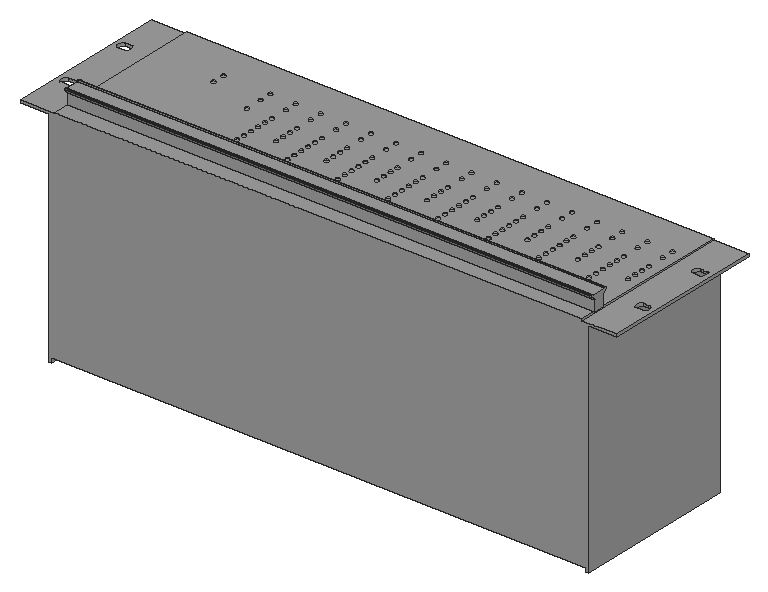
Revit family "Maxlogic alarm matrix panel", category Fire Alarm Devices, host Face, Revit 2021 (continued)
Lines and regions (mm)
  model lines
    curve 102: line (135.725, 10, 266.048) -> (135.725, 122.5, 266.048)
    curve 103: line (153.545, 9.358, 266.048) -> (153.545, 122.5, 266.048)
    curve 104: line (156.045, 10, 266.048) -> (156.045, 122.5, 266.048)
    curve 105: line (174.225, 10, 266.048) -> (174.225, 122.5, 266.048)
    curve 106: line (176.245, 122.5, 266.048) -> (176.245, 10, 266.048)
    curve 107: line (173.745, 0, 266.048) -> (173.745, 132.5, 266.048)
    curve 108: line (-193.995, 112.75, 266.048) -> (-202.995, 112.75, 266.048)
    curve 109: line (-193.995, 116.75, 266.048) -> (-193.995, 112.75, 266.048)
    curve 110: line (-187.995, 116.75, 266.048) -> (-193.995, 116.75, 266.048)
    curve 111: line (-202.995, 112.75, 266.048) -> (-202.995, 61.214, 266.048)
    curve 112: arc (-202.995, 47.986, 266.048) -> (-206.495, 54.6, 266.048) -> (-202.995, 61.214, 266.048) r 8
    curve 113: line (-202.995, 47.986, 266.048) -> (-202.995, 19.75, 266.048)
    curve 114: line (-202.995, 19.75, 266.048) -> (-193.995, 19.75, 266.048)
    curve 115: line (-193.995, 19.75, 266.048) -> (-193.995, 15.75, 266.048)
    curve 116: line (-193.995, 15.75, 266.048) -> (-187.995, 15.75, 266.048)
    curve 117: line (-187.995, 15.75, 266.048) -> (-187.995, 116.75, 266.048)
    curve 118: line (-187.995, 116.75, 266.048) -> (-193.995, 116.75, 266.048)
    curve 119: arc (-244.995, 103.75, 266.048) -> (-247.995, 100.75, 266.048) -> (-250.995, 103.75, 266.048) r 3
    curve 120: arc (-250.995, 103.75, 266.048) -> (-247.995, 106.75, 266.048) -> (-244.995, 103.75, 266.048) r 3
    curve 121: arc (-249.495, 103.75, 266.048) -> (-247.995, 102.25, 266.048) -> (-246.495, 103.75, 266.048) r 1.5
    curve 122: arc (-246.495, 103.75, 266.048) -> (-247.995, 105.25, 266.048) -> (-249.495, 103.75, 266.048) r 1.5
    curve 123: arc (-172.995, 103.75, 266.048) -> (-175.995, 100.75, 266.048) -> (-178.995, 103.75, 266.048) r 3
    curve 124: arc (-178.995, 103.75, 266.048) -> (-175.995, 106.75, 266.048) -> (-172.995, 103.75, 266.048) r 3
    curve 125: arc (-177.495, 103.75, 266.048) -> (-175.995, 102.25, 266.048) -> (-174.495, 103.75, 266.048) r 1.5
    curve 126: arc (-174.495, 103.75, 266.048) -> (-175.995, 105.25, 266.048) -> (-177.495, 103.75, 266.048) r 1.5
Dimensions and locks
  aligned and locked: plane 2 to host face
  aligned and locked: level to host face
